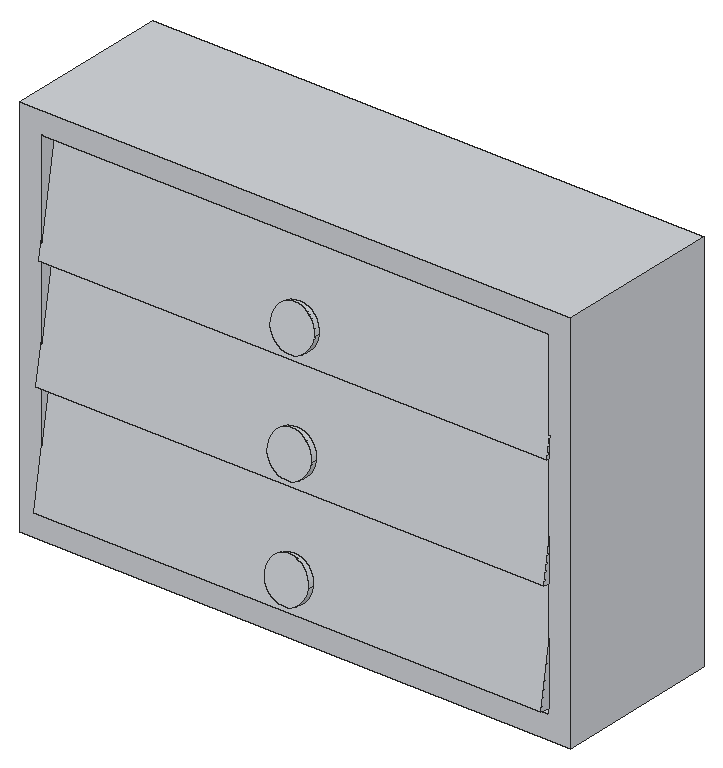
Revit family "IDP_Fire Protection_APS902-FIRE RATED PRESSURE STABILISER", category Fire Protection, Revit 2026
Family settings
  Round Connector Dimension = Use Diameter
  Part Type = Normal
  Work Plane-Based = No
  Enable Cutting in Views = Yes
  Always vertical = Yes
  Cut with Voids When Loaded = Yes
  Maintain Annotation Orientation = No
  Shared = Yes
  Room Calculation Point = Yes
Parameters (values of type "APS902")
  Uniclass2015_Pr = "Pr_75_50_18_31 : Fire-suppression system indicator panels"
  Type Comments = ""
  SFG20 = ""
  NRM3 = ""
  NRM1 = ""
  Keynote = ""
  Description = "FIRE RATED PRESSURE STABILISER"
  Default Elevation = 0 mm
  Blade length = ADBDepth / 3  # 100 mm
  Blade Position = ADBDepth / 3  # 100 mm
  ADBWidth = 500 mm
  ADBUserData1 = "R1"
  ADBHeight = 350 mm
  ADBGroup = "1"
  ADBDescription = "AIR PRESSURE STABILISER, MFSD, fire rated, 350H 500W"
  ADBDepth = 300 mm
  ADBCode = "APS902"
Reference planes
  plane 1 "Center (Front/Back)": y = 0
  plane 2: z = 0
  plane 3 "Center (Left/Right)": x = 0
  plane 4: x = 500
  plane 5: y = 0
  plane 6: x = 20
  plane 7: y = -20
  plane 8: x = 480
  plane 9: z = 0
  plane 10: z = 20
  plane 11: x = 250
  plane 12: z = 775
  plane 13: z = 350
  plane 14: z = 330
  plane 15: y = -150
  plane 16: y = -130
  plane 17: y = -110
  plane 18: y = -300
Forms (mm)
  Extrusion 1, solid
    sketch origin (0, 0, 0) x (1, 0, 0) y (0, 0, 1)
      loop
        line (20, 330) -> (20, 20) -> (480, 20) -> (480, 330) -> (20, 330)
      loop
        line (0, 350) -> (0, 0) -> (500, 0) -> (500, 350) -> (0, 350)
    from 0 to 150
  Extrusion 2, void
    sketch origin (0, 0, 0) x (1, 0, 0) y (0, 0, 1)
      loop
        line (0, 350) -> (0, 0) -> (500, 0) -> (500, 350) -> (0, 350)
    from -70.469 to 233.52
  Extrusion 3, solid
    sketch origin (25, -131.72, 485.673) x (0, 0, -1) y (0, 1, 0)
      loop
        line (158.401, 117.661) -> (160.138, 107.813) -> (258.619, 125.177) -> (256.882, 135.025) -> (158.401, 117.661)
      loop
        line (259.367, 120.932) -> (261.104, 111.084) -> (359.585, 128.449) -> (357.848, 138.297) -> (259.367, 120.932)
      loop
        line (360.333, 124.204) -> (362.07, 114.356) -> (460.55, 131.72) -> (458.814, 141.568) -> (360.333, 124.204)
    from -5 to 455
  Extrusion 4, solid
    sketch origin (20, -25.364, 308.968) x (-1, 0, 0) y (0, -0.173648, 0.984808)
      loop
        circle (-230, -157.958) r 20
    from 0 to 5
  Extrusion 5, solid
    sketch origin (20, -28.635, 409.933) x (-1, 0, 0) y (0, -0.173648, 0.984808)
      loop
        circle (-230, -157.958) r 20
    from 0 to 5
  Extrusion 6, solid
    sketch origin (20, -22.092, 208.002) x (-1, 0, 0) y (0, -0.173648, 0.984808)
      loop
        circle (-230, -157.958) r 20
    from 0 to 5
  Extrusion 7, solid
    sketch origin (25, -18.28, 485.673) x (0, 0, -1) y (0, 1, 0)
      loop
        line (158.401, -117.661) -> (256.882, -135.025) -> (258.619, -125.177) -> (160.138, -107.813) -> (158.401, -117.661)
      loop
        line (259.367, -120.932) -> (357.848, -138.297) -> (359.585, -128.449) -> (261.104, -111.084) -> (259.367, -120.932)
      loop
        line (360.333, -124.204) -> (458.814, -141.568) -> (460.55, -131.72) -> (362.07, -114.356) -> (360.333, -124.204)
    from -5 to 455
  Extrusion 8, solid
    sketch origin (20, -124.636, 308.968) x (-1, 0, 0) y (0, -0.173648, -0.984808)
      loop
        circle (-230, 157.958) r 20
    from 0 to 5
  Extrusion 9, solid
    sketch origin (20, -121.365, 409.933) x (-1, 0, 0) y (0, -0.173648, -0.984808)
      loop
        circle (-230, 157.958) r 20
    from 0 to 5
  Extrusion 10, solid
    sketch origin (20, -127.908, 208.002) x (-1, 0, 0) y (0, -0.173648, -0.984808)
      loop
        circle (-230, 157.958) r 20
    from 0 to 5
Dimensions and locks
  "ADBWidth": plane 3 "Center (Left/Right)" to plane 4
  locked: plane 5 to plane 7 at 20
  locked: plane 8 to plane 4 at 20
  locked: plane 3 "Center (Left/Right)" to plane 6 at 20
  locked: plane 10 to plane 9 at 20
  equal spacing: plane 3 "Center (Left/Right)", plane 11, plane 4
  locked: plane 13 to plane 14 at 20
  "ADBHeight": plane 13 to level
  "ADBWidth": plane 4 to plane 3 "Center (Left/Right)"
  locked: plane 16 to plane 15 at 20
  locked: plane 17 to plane 16 at 20
  Extrusion 1 to Extrusion 1 = 310 mm  (x2)
  "Blade length": Extrusion 3 sketch curve to Extrusion 3 sketch curve  (x3)
  locked: Extrusion 3 sketch curve to Extrusion 3 sketch curve  (x2)
  plane 15 to plane 18 = 150 mm
  "Blade length": Extrusion 7 sketch curve to Extrusion 7 sketch curve  (x3)
  locked: Extrusion 7 sketch curve to Extrusion 7 sketch curve  (x2)
  aligned and locked: level to plane 2
Automatic sketch dimensions
  Extrusion 1 sketch curve to level = 0 mm
  Extrusion 1 sketch curve to plane 3 "Center (Left/Right)" = 0 mm
  Extrusion 1 sketch curve to plane 6 = 0 mm
  Extrusion 1 sketch curve to plane 8 = 0 mm
  Extrusion 1 sketch curve to plane 4 = 0 mm
  Extrusion 1 sketch curve to plane 10 = 0 mm
  Extrusion 1 sketch curve to plane 14 = 0 mm
  Extrusion 1 sketch curve to plane 13 = 0 mm
  Extrusion 2 sketch curve to level = 0 mm
  Extrusion 2 sketch curve to plane 3 "Center (Left/Right)" = 0 mm
  Extrusion 2 sketch curve to plane 4 = 0 mm
  Extrusion 2 sketch curve to plane 13 = 0 mm
  Extrusion 4 sketch curve to plane 11 = 0 mm
  Extrusion 5 sketch curve to plane 11 = 0 mm
  Extrusion 6 sketch curve to plane 11 = 0 mm
  Extrusion 8 sketch curve to plane 11 = 0 mm
  Extrusion 9 sketch curve to plane 11 = 0 mm
  Extrusion 10 sketch curve to plane 11 = 0 mm
  Extrusion 3 sketch curve to plane 1 "Center (Front/Back)" = 0 mm
  Extrusion 3 sketch curve to plane 14 = 2.728 mm
  Extrusion 3 sketch curve to plane 7 = 3.908 mm
  Extrusion 3 sketch curve to plane 14 = 4.465 mm
  Extrusion 3 sketch curve to plane 1 "Center (Front/Back)" = 3.305 mm
  plane 7 to Extrusion 3 sketch curve = 9.212 mm
  Extrusion 3 sketch curve to plane 7 = 0.636 mm
  plane 1 "Center (Front/Back)" to Extrusion 3 sketch curve = 7.517 mm
  Extrusion 7 sketch curve to plane 15 = 0 mm
  Extrusion 7 sketch curve to plane 14 = 2.728 mm
  plane 16 to Extrusion 7 sketch curve = 3.908 mm
  Extrusion 7 sketch curve to plane 14 = 4.465 mm
  Extrusion 7 sketch curve to plane 15 = 3.305 mm
  Extrusion 7 sketch curve to plane 16 = 9.212 mm
  plane 16 to Extrusion 7 sketch curve = 0.636 mm
  plane 15 to Extrusion 7 sketch curve = 7.517 mm
  radius of Extrusion 4 sketch curve = 20 mm
  radius of Extrusion 5 sketch curve = 20 mm
  radius of Extrusion 6 sketch curve = 20 mm
  radius of Extrusion 8 sketch curve = 20 mm
  radius of Extrusion 9 sketch curve = 20 mm
  radius of Extrusion 10 sketch curve = 20 mm
